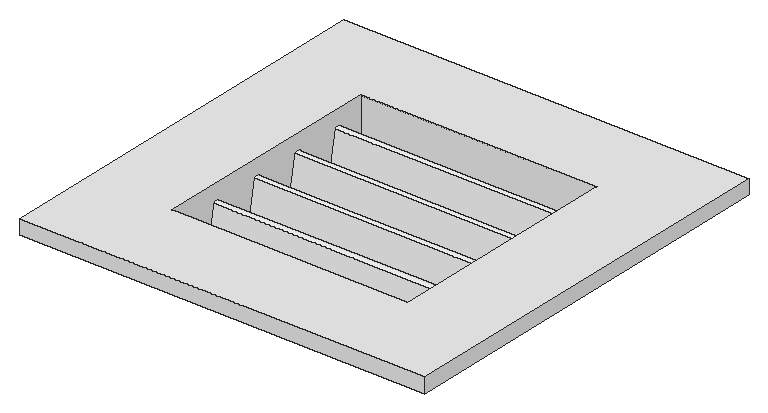
Revit family "Grille-Supply-Carnes-RNAM-Extruded_Aluminum", category Duct Accessories, host Face, Revit 2014
Parameters (values of type "See Type Catalog")
  Width = 6"
  Subcatagory = "Air Distribution"  # constant formula
  Specification Sheet = "http://www.carnes.com/AirDistribution/pdf/14004.pdf"
  Revit Object Download Link = "http://library.smartbim.com/download/Grille-Supply-Carnes-RNAM-Extruded_Aluminum"
  Product Page URL = "http://www.carnes.com/AirDistribution/rnam.phtml"
  Inner Width = Width - (2 * 1 1/4")  # 3 1/2"
  Inner Depth = Height - (2 * 1 1/4")  # 3 1/2"
  Height = 6"
  Flow = 0 CFM
  Description = "Square and Rectangular Registers and Grilles"  # constant formula
  URL = "http://www.carnes.com/"
  Model = "RNAM"  # constant formula
  Unit = Metal - Carnes - Extruded-Aluminum
  Manufacturer = "CARNES COMPANY"  # constant formula
  Default Elevation = 96"
  Return Connection = "Diffuser Return Connector"  # constant formula
  Catalog = "http://www.carnes.com/AirDistribution/pdf/a279-280,299-303.pdf"
  Blade Spacing = 3/4"
  Assembly Code = "D3040100"
  Return Connector = yes
  95 CSI = ""
  04 CSI = ""
Reference planes (in)
  plane 1 "Center (Front/Back)": y = 0
  plane 2: z = 0
  plane 3 "Center (Left/Right)": x = 0.94
  plane 4: z = 0
  plane 5: z = -0.6875
  plane 6: y = 6
  plane 7: y = 3
  plane 8: x = -2.06
  plane 9: x = 3.94
Dimensions and locks (in)
  equal spacing: host sketch curve, plane 3 "Center (Left/Right)", host sketch curve
  equal spacing: host sketch curve, plane 1 "Center (Front/Back)", host sketch curve
  "Height": plane 1 "Center (Front/Back)" to plane 6
  equal spacing: plane 8, plane 3 "Center (Left/Right)", plane 9
  "Width": plane 8 to plane 9
  equal spacing: plane 1 "Center (Front/Back)", plane 7, plane 6
  aligned and locked: plane 2 to host face
  aligned and locked: level to host face
  aligned and locked: plane 3 "Center (Left/Right)" to nested 1
  aligned and locked: plane 1 "Center (Front/Back)" to nested 1
Nested families (in)
  nested 1: "Extruded_Aluminum-Grille" at (0, 3, 0), type "Parametric"
Connectors (in)
  hvac at (0.94, 3, -0.6875), driven by "Flow", driven by "Width", driven by "Height", driven by "Return Connector", driven by "Return Connection"
    settings: on nested 1, index 1, duct flow 0 CFM, flow factor 0, pres drop 0.00 in-wg, loss coef 0, conn angle 0.00°, conn width 6", conn height 6", conn diameter 24", duct sys type 2, conn prof type 1, flow config 0, flow direction 2, loss method 0, conn ref index -1, conn util yes, is conn primary yes, conn desc "Diffuser Return Connector"
Definition of nested family "Extruded_Aluminum-Grille"
  Parameters (values of type "Parametric")
    Subcategory = "Air Distribution"  # constant formula
    Inner Width = Width - (2 * 1 1/4")  # 3 1/2"
    Inner Depth = Depth - (2 * 1 1/4")  # 3 1/2"
    Height = 29/32"  # constant formula
    Description = "Square and Rectangular Registers and Grilles"  # constant formula
    Depth = 6"
    Width = 6"
    URL = "http://www.carnes.com/"
    Model = "RAAM"  # constant formula
    Unit = Metal - Carnes - Extruded-Aluminum
    Manufacturer = "Carnes"  # constant formula
    Default Elevation = 0"
    Blade Spacing = 3/4"  # constant formula
    Assembly Code = "D3040100"
    95 CSI = ""
    04 CSI = ""
    # Of Blades = Inner Depth / Blade Spacing  # 5
  Reference planes (in)
    plane 1 "Center (Front/Back)": y = 0
    plane 2: z = 0
    plane 3 "Center (Left/Right)": x = 0.94
    plane 4: z = 0.21875
    plane 5: x = -2.06
    plane 6: y = 3
    plane 7: x = 3.94
    plane 8: y = -3
    plane 9: x = -0.81
    plane 10: z = -0.6875
    plane 11: x = -0.06
    plane 12: z = 0
    plane 13: x = 2.69
    plane 14: y = 1.75
    plane 15: y = -1.75
    plane 16: x = 1.94
    plane 17: z = -0.6875
    plane 18: y = 1
    plane 19: y = -1
    plane 20: z = -1.6875
    plane 21: y = -0.25
    plane 22: z = 2.21875
  Forms (in)
    Extrusion 1, solid
      sketch origin (0, 0, 0) x (1, 0, 0) y (0, 1, 0)
        loop
          line (-27.41078, 30) -> (-27.41078, -30) -> (29.29078, -30) -> (29.29078, 30) -> (-27.41078, 30)
      from 0 to -1
    Sweep 2, solid, material "Metal - Carnes - Extruded-Aluminum" <- "Unit"
      path origin (0, 0, 0) x (1, 0, 0) y (0, 1, 0)
        loop
          line (-2.06, 3) -> (-2.06, -3) -> (3.94, -3) -> (3.94, 3) -> (-2.06, 3)
      profile origin (-2.06, 0, 0) x (1, 0, 0) y (0, 0, 1)
        loop
          line (0, 0.21875) -> (0, 0) -> (0.0625, 0) -> (0.0625, 0.15625) -> (1.1875, 0.15625) -> (1.1875, -0.6875) -> (1.25, -0.6875) -> (1.25, 0.21875) -> (0, 0.21875)
    Extrusion 3, void
      sketch origin (0, 0, 0) x (1, 0, 0) y (0, 1, 0)
        loop
          line (2.7525, 1.8125) -> (-0.8725, 1.8125) -> (-0.8725, -1.8125) -> (2.7525, -1.8125) -> (2.7525, 1.8125)
      from -1.6875 to 2.21875
  Lines and regions (in)
    model lines, style "Diffuser"
      curve 1: line (-0.81, -1.75, 0.21875) -> (-2.06, -3, 0.21875)
      curve 2: line (2.69, -1.75, 0.21875) -> (3.94, -3, 0.21875)
      curve 3: line (2.69, 1.75, 0.21875) -> (3.94, 3, 0.21875)
      curve 4: line (-0.81, 1.75, 0.21875) -> (-2.06, 3, 0.21875)
    symbolic lines, style "Diffuser"
      curve 5: line (3.94, 3, 0) -> (-2.06, 3, 0)
      curve 6: line (-2.06, 3, 0) -> (-2.06, -3, 0)
      curve 7: line (-2.06, -3, 0) -> (3.94, -3, 0)
      curve 8: line (3.94, -3, 0) -> (3.94, 3, 0)
      curve 9: line (2.69, 1.75, 0) -> (3.94, 3, 0)
      curve 10: line (2.69, 1.75, 0) -> (2.69, -1.75, 0)
      curve 11: line (-0.81, 1.75, 0) -> (2.69, 1.75, 0)
      curve 12: line (-0.81, -1.75, 0) -> (-0.81, 1.75, 0)
      curve 13: line (2.69, -1.75, 0) -> (-0.81, -1.75, 0)
      curve 14: line (-0.81, -1.75, 0) -> (-2.06, -3, 0)
      curve 15: line (2.69, -1.75, 0) -> (3.94, -3, 0)
      curve 16: line (-0.81, 1.75, 0) -> (-2.06, 3, 0)
  Dimensions and locks (in)
    equal spacing: Extrusion 1 sketch curve, plane 3 "Center (Left/Right)", Extrusion 1 sketch curve
    equal spacing: Extrusion 1 sketch curve, plane 1 "Center (Front/Back)", Extrusion 1 sketch curve
    locked: plane 4 to plane 2 at 0.21875
    equal spacing: plane 5, plane 3 "Center (Left/Right)", plane 7
    "Width": plane 5 to plane 7
    equal spacing: plane 6, plane 1 "Center (Front/Back)", plane 8
    "Depth": plane 6 to plane 8
    "Height": plane 4 to plane 10
    locked: Sweep 2 sketch curve to plane 5 at 0.0625
    locked: plane 4 to Sweep 2 sketch curve at 0.0625
    locked: plane 9 to Sweep 2 sketch curve at 0.0625
    plane 2 to plane 12 = 0"
    equal spacing: plane 9, plane 3 "Center (Left/Right)", plane 13
    "Inner Width": plane 9 to plane 13
    plane 5 to plane 9 = 1 1/4"
    locked: Sweep 2 sketch curve to Sweep 2 sketch curve at 1.25
    equal spacing: plane 15, plane 1 "Center (Front/Back)", plane 14
    "Inner Depth": plane 14 to plane 15
    locked: plane 16 to plane 13 at 0.75
    locked: plane 9 to plane 11 at 0.75
    locked: plane 12 to plane 17 at 0.6875
    "Blade Spacing": plane 14 to plane 18
    locked: plane 15 to plane 19 at 0.75
    locked: plane 10 to plane 20 at 1
    locked: plane 21 to plane 19 at 0.75
    equal spacing: group 1, group 2, group 3, group 4, group 5  (x3)
    locked: plane 22 to plane 4 at 2
    aligned and locked: plane 2 to Extrusion 1
    aligned and locked: level to Extrusion 1
    aligned and locked: Sweep 2 sketch curve to plane 5
    aligned and locked: plane 8 to Sweep 2 sketch curve
    aligned and locked: plane 7 to Sweep 2 sketch curve
    aligned and locked: Sweep 2 sketch curve to plane 6
    aligned and locked: Sweep 2 sketch curve to plane 4
    aligned and locked: Sweep 2 sketch curve to plane 9
    aligned and locked: Sweep 2 sketch curve to plane 10
    aligned and locked: Sweep 2 sketch curve to plane 2
    aligned and locked: curve 1 to Sweep 2
    aligned and locked: Sweep 2 to curve 1
    aligned and locked: Sweep 2 to curve 2
    aligned and locked: curve 2 to Sweep 2
    aligned and locked: curve 3 to Sweep 2
    aligned and locked: Sweep 2 to curve 3
    aligned and locked: Sweep 2 to curve 4
    aligned and locked: curve 4 to Sweep 2
    aligned and locked: curve 5 to Sweep 2
    aligned and locked: curve 6 to Sweep 2
    aligned and locked: curve 7 to Sweep 2
    aligned and locked: curve 8 to Sweep 2
    aligned and locked: curve 9 to curve 3
    aligned and locked: curve 10 to Sweep 2
    aligned and locked: curve 11 to Sweep 2
    aligned and locked: curve 12 to Sweep 2
    aligned and locked: curve 13 to Sweep 2
    aligned and locked: curve 14 to curve 1
    aligned and locked: curve 15 to curve 2
    aligned and locked: curve 16 to curve 4
    aligned and locked: plane 3 "Center (Left/Right)" to nested 1
    aligned and locked: plane 17 to nested 1
    aligned and locked: Extrusion 3 to plane 20
    aligned and locked: Extrusion 3 sketch curve to Sweep 2  (x4)
    aligned and locked: nested 1 to plane 19
    aligned and locked: plane 3 "Center (Left/Right)" to nested 2
    aligned and locked: nested 2 to plane 21
    aligned and locked: plane 12 to nested 2
    aligned and locked: plane 22 to Extrusion 3
  Automatic sketch dimensions
    curve 4 to Sweep 2 = 0"  (x2)
    curve 1 to Sweep 2 = 0"  (x2)
    curve 3 to Sweep 2 = 0"  (x2)
    curve 2 to Sweep 2 = 0"  (x2)
  Nested families (in)
    nested 1: "Blade" at (0.94, -1.11377, 0), type "Blade"
    nested 2: "Blade" at (0.94, -0.36377, 0), type "Blade"
    nested 3: "Blade" at (0.94, 0.38623, 0), type "Blade"
    nested 4: "Blade" at (0.94, 1.13623, 0), type "Blade"
    nested 5: "Blade" at (0.94, 1.88623, 0), type "Blade"
  Definition of nested family "Blade"
    Parameters (values of type "Blade")
      Inner Width = 3 1/2"
      Blade = Metal - Carnes - Extruded-Aluminum
    Reference planes (in)
      plane 1 "Center (Front/Back)": y = 0
      plane 2: z = 0
      plane 3 "Center (Left/Right)": x = 0
      plane 4: y = 0.22755
      plane 5: y = 0.11377
    Forms (in)
      Sweep 1, solid, material "Metal - Carnes - Extruded-Aluminum" <- "Blade"
        path origin (0.00341, -1, 0) x (1, 0, 0) y (0, 1, 0)
          loop
            line (-1.75341, 1) -> (1.74659, 1)
        profile origin (0, 0, 0) x (0, 1, 0) y (0, 0, 1)
          loop
            arc (0.22755, -0.0766) -> (0.20118, -0.00847) -> (0.12902, -0.01982) r 0.05818
            line (0.12902, -0.01982) -> (0, -0.6875) -> (0.22755, -0.0766)
    Lines and regions (in)
      symbolic lines, style "Diffuser"
        curve 1: line (-1.75, 0.22755, 0) -> (1.75, 0.22755, 0)
        curve 2: line (-1.75, 0, 0) -> (-1.75, 0.22755, 0)
        curve 3: line (1.75, 0, 0) -> (-1.75, 0, 0)
        curve 4: line (1.75, 0.22755, 0) -> (1.75, 0, 0)
    Dimensions and locks (in)
      equal spacing: Sweep 1 sketch curve, plane 3 "Center (Left/Right)", Sweep 1 sketch curve
      "Inner Width": Sweep 1 sketch curve to Sweep 1 sketch curve
      equal spacing: curve 2, plane 3 "Center (Left/Right)", curve 4
      "Inner Width": curve 2 to curve 4
      locked: plane 4 to plane 1 "Center (Front/Back)" at 0.22755
      equal spacing: plane 4, plane 5, plane 1 "Center (Front/Back)"
      aligned and locked: plane 2 to level
      aligned and locked: curve 3 to Sweep 1
      aligned and locked: curve 1 to Sweep 1
    Automatic sketch dimensions
      plane 1 "Center (Front/Back)" to Sweep 1 sketch curve = 0"
      Sweep 1 sketch curve to profile plane = 0"
      Sweep 1 sketch curve to profile plane = 0.01982"
      Sweep 1 sketch curve to profile plane = 0.12902"
      Sweep 1 sketch curve to Sweep 1 sketch curve = 0.04312"
      Sweep 1 sketch curve to Sweep 1 sketch curve = 0.05542"
      Sweep 1 sketch curve to Sweep 1 sketch curve = 5/128"
      Sweep 1 sketch curve to Sweep 1 sketch curve = 0.62862"
Types in the file's own list only (20): name | Width | Inner Width | Inner Depth | Height
  RNAM 10 x 6 | 10" | 7 1/2" | 3 1/2" | 6"
  RNAM 12 x 6 | 12" | 9 1/2" | 3 1/2" | 6"
  RNAM 10 x 8 | 10" | 7 1/2" | 5 1/2" | 8"
  RNAM 12 x 8 | 12" | 9 1/2" | 5 1/2" | 8"
  RNAM 18 x 6 | 18" | 15 1/2" | 3 1/2" | 6"
  RNAM 12 x 12 | 12" | 9 1/2" | 9 1/2" | 12"
  RNAM 18 x 12 | 18" | 15 1/2" | 9 1/2" | 12"
  RNAM 24 x 12 | 24" | 21 1/2" | 9 1/2" | 12"
  RNAM 18 x 18 | 18" | 15 1/2" | 15 1/2" | 18"
  RNAM 30 x 12 | 30" | 27 1/2" | 9 1/2" | 12"
  RNAM 24 x 18 | 24" | 21 1/2" | 15 1/2" | 18"
  RNAM 30 x 18 | 30" | 27 1/2" | 15 1/2" | 18"
  RNAM 24 x 24 | 24" | 21 1/2" | 21 1/2" | 24"
  RNAM 36 x 18 | 36" | 33 1/2" | 15 1/2" | 18"
  RNAM 30 x 24 | 30" | 27 1/2" | 21 1/2" | 24"
  RNAM 36 x 24 | 36" | 33 1/2" | 21 1/2" | 24"
  RNAM 36 x 30 | 36" | 33 1/2" | 27 1/2" | 30"
  RNAM 48 x 24 | 48" | 45 1/2" | 21 1/2" | 24"
  RNAM 48 x 30 | 48" | 45 1/2" | 27 1/2" | 30"
  RNAM 48 x 36 | 48" | 45 1/2" | 33 1/2" | 36"
